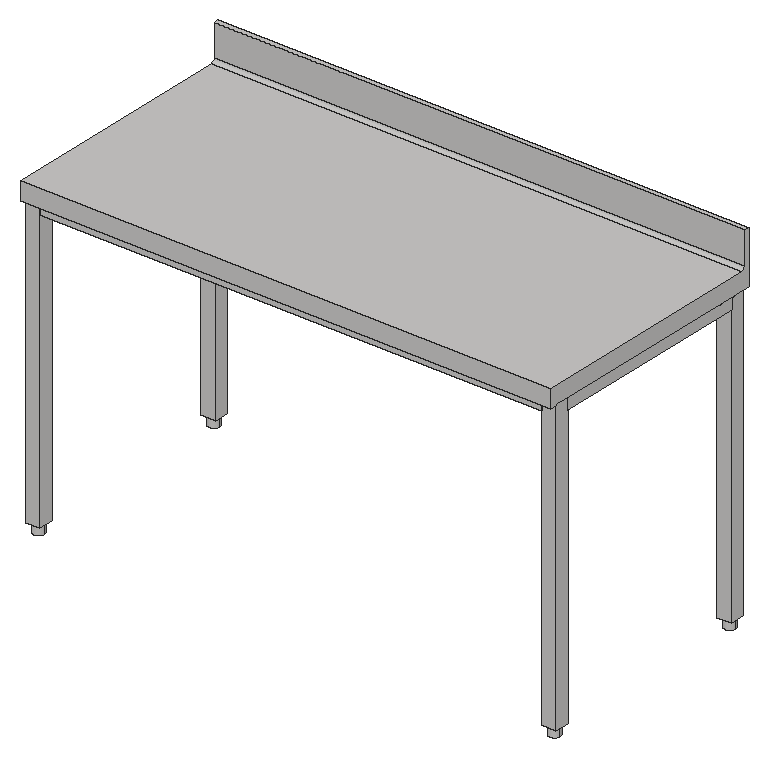
Revit family "QF_ELECTROLUXPROFESSIONAL_134016_GTG1510E", category Attrezzature speciali, Revit 2020
Family settings
  Quota connettore circolare = Usa diametro
  Tipo di parte = Normale
  Basato su piano di lavoro = No
  Sempre verticale = Sì
  Taglio con vuoti quando caricato = No
  Condiviso = No
  Punto di calcolo locali = No
Parameters (values of type "Standard")
  Weight = 45.00 kg
  Watts = 0 W
  Volts = 0 V
  URL Manufacturer = "https://www.electroluxprofessional.com/"
  URL = "https://www.electroluxprofessional.com/"
  Steam Supply Size = 0 mm
  Steam Supply Minimum Pressure = 0.0 Pa
  Steam Supply Maximum Pressure = 0.0 Pa
  Steam Consumption per Hour = 0
  Refrigeration Suction Line Size = 0.0 mm
  Refrigeration Liquid Line Size = 0.0 mm
  Refrigerant Compressor Remote = yes
  Prospetto di default = 0.0 mm
  Produttore = "Electrolux Professional"
  Phase = 0
  Modello = "GTG1510E"
  Length Actual = 1500.0 mm  # constant formula
  Item Number = "134016"
  Hot Water Size = 0 mm
  Height Actual = 1000.0 mm  # constant formula
  HP = "0 HP"
  Gas Size = 0 mm
  Gas KW = 0
  Gas Input Pressure = 0 W
  Direct Waste Size = 0 mm
  Descrizione = "WORK TABLE WITH UPSTAND 1500 MM"
  Depth Actual = 700.0 mm  # constant formula
  Cycle = 0 Hz
  Condensate Return Size = 0 mm
  Compressed Air Volume = 0.0 L/s
  Compressed Air Size = 0 mm
  Compressed Air Pressure = 0.0 Pa
  Cold Water Size = 0 mm
  Accessory = yes
Reference planes
  plane 1 "Center (Front/Back)": y = 0
  plane 2: z = 0
  plane 3 "Center (Left/Right)": x = -250
  plane 4 "LEFT": x = -1000
  plane 5 "RIGHT": x = 500
  plane 6 "BACK": y = 350
  plane 7 "FRONT": y = -350
  plane 8 "Base": z = 850
  plane 9 "TOP": z = 900
  plane 10: x = -980
  plane 11: x = 480
  plane 12: y = 310
  plane 13: y = -310
  plane 14 "TRAVERSI": z = 820
  plane 15: x = -960
  plane 16: x = 460
  plane 17: y = 290
  plane 18: y = -290
  plane 19: y = 330
  plane 20: y = -330
Forms (mm)
  Extrusion 1, solid, material "QF_Finishes_Stainless Steel"
    sketch origin (-250, 0, 0) x (0, 1, 0) y (0, 0, 1)
      loop
        line (-350, 850) -> (350, 850) -> (350, 1000) -> (337, 1000) -> (337, 910)
        arc (337, 910) -> (334.071, 902.929) -> (327, 900) r 10
        line (327, 900) -> (-350, 900) -> (-350, 850)
    from 750 to -750
  Extrusion 2, solid, material "QF_Finishes_Stainless Steel"
    sketch origin (0, 0, 820) x (0, 1, 0) y (-1, 0, 0)
      loop
        line (290, -460) -> (-290, -460) -> (-290, -500) -> (290, -500) -> (290, -460)
      loop
        line (290, 1000) -> (-290, 1000) -> (-290, 960) -> (290, 960) -> (290, 1000)
    from 0 to 30
  Extrusion 3, solid, material "QF_Finishes_Stainless Steel"
    sketch origin (0, 0, 820) x (0, 1, 0) y (-1, 0, 0)
      loop
        line (330, -460) -> (330, 960) -> (290, 960) -> (290, -460) -> (330, -460)
      loop
        line (-290, 960) -> (-330, 960) -> (-330, -460) -> (-290, -460) -> (-290, 960)
    from 0 to 30
Lines and regions (mm)
  symbolic lines
    curve 1: line (500, 350, 900) -> (-1000, 350, 900)
    curve 2: line (-1000, 350, 900) -> (-1000, -350, 900)
    curve 3: line (-1000, -350, 900) -> (500, -350, 900)
    curve 4: line (500, -350, 900) -> (500, 350, 900)
    curve 5: line (-1000, 337, 820) -> (500, 337, 820)
Dimensions and locks
  plane 4 "LEFT" to plane 5 "RIGHT" = 1500.0 mm
  equal spacing: plane 4 "LEFT", plane 3 "Center (Left/Right)", plane 5 "RIGHT"
  plane 4 "LEFT" to plane 10 = 20.0 mm
  plane 11 to plane 5 "RIGHT" = 20.0 mm
  plane 10 to plane 11 = 1460.0 mm
  plane 6 "BACK" to plane 12 = 40.0 mm
  plane 13 to plane 7 "FRONT" = 40.0 mm
  plane 6 "BACK" to plane 7 "FRONT" = 700.0 mm
  plane 12 to plane 13 = 620.0 mm
  equal spacing: plane 6 "BACK", plane 1 "Center (Front/Back)", plane 7 "FRONT"
  plane 8 "Base" to plane 14 "TRAVERSI" = 30.0 mm
  locked: plane 10 to plane 15 at 20
  locked: plane 16 to plane 11 at 20
  locked: plane 19 to plane 12 at 20
  locked: plane 12 to plane 17 at 20
  locked: plane 18 to plane 13 at 20
  locked: plane 13 to plane 20 at 20
  locked: plane 8 "Base" to level at 850
  locked: Extrusion 1 to level at 1000
  aligned and locked: level to plane 2
  aligned and locked: plane 10 to nested 1
  aligned and locked: nested 1 to plane 13
  aligned and locked: plane 11 to nested 2
  aligned and locked: nested 2 to plane 13
  aligned and locked: plane 11 to nested 4
  aligned and locked: nested 4 to plane 12
  aligned and locked: plane 10 to nested 3
  aligned and locked: nested 3 to plane 12
  aligned and locked: Extrusion 1 to plane 4 "LEFT"
  aligned and locked: plane 5 "RIGHT" to Extrusion 1
  aligned and locked: curve 2 to plane 4 "LEFT"
  aligned and locked: Extrusion 2 sketch curve to plane 5 "RIGHT"
  aligned and locked: Extrusion 2 sketch curve to plane 17  (x2)
  aligned and locked: plane 16 to Extrusion 2 sketch curve
  aligned and locked: plane 18 to Extrusion 2 sketch curve  (x2)
  aligned and locked: plane 4 "LEFT" to Extrusion 2 sketch curve
  aligned and locked: Extrusion 2 sketch curve to plane 15
  aligned and locked: plane 19 to Extrusion 3 sketch curve
  aligned and locked: Extrusion 3 sketch curve to plane 17
  aligned and locked: Extrusion 3 sketch curve to plane 18
  aligned and locked: plane 20 to Extrusion 3 sketch curve
  aligned and locked: Extrusion 3 sketch curve to plane 15
  aligned and locked: plane 15 to Extrusion 3 sketch curve
  aligned and locked: plane 16 to Extrusion 3 sketch curve
  aligned and locked: Extrusion 3 sketch curve to plane 16
  aligned and locked: curve 5 to Extrusion 1
Automatic sketch dimensions
  curve 3 to plane 7 "FRONT" = 0.0 mm
  curve 4 to plane 6 "BACK" = 0.0 mm
  curve 4 to plane 5 "RIGHT" = 0.0 mm
  Extrusion 1 sketch curve to plane 7 "FRONT" = 0.0 mm
  Extrusion 1 sketch curve to plane 9 "TOP" = 0.0 mm
  Extrusion 1 sketch curve to plane 6 "BACK" = 0.0 mm
  Extrusion 1 sketch curve to plane 8 "Base" = 0.0 mm
  Extrusion 1 sketch curve to plane 19 = 3.0 mm
  plane 19 to Extrusion 1 sketch curve = 7.0 mm
  Extrusion 1 sketch curve to Extrusion 1 sketch curve = 90.0 mm
  curve 5 to plane 5 "RIGHT" = 0.0 mm
  curve 5 to plane 4 "LEFT" = 0.0 mm
Nested families
  nested 1: "FEET_40x40_R" at (-980, -310, 0), type "FEET_40x40_R"
  nested 2: "FEET_40x40_R" at (480, -310, 0), type "FEET_40x40_R"
  nested 3: "FEET_40x40_R" at (-980, 310, 0), type "FEET_40x40_R"
  nested 4: "FEET_40x40_R" at (480, 310, 0), type "FEET_40x40_R"
Definition of nested family "FEET_40x40_R"
  Parameters
    Default Elevation = 0.0 mm
    FEET = 850.0 mm
  Reference planes
    plane 1 "Center (Front/Back)": y = 0
    plane 2: z = 0
    plane 3 "Center (Left/Right)": x = 0
    plane 4: z = 850
  Forms (mm)
    Extrusion 1, solid
      sketch origin (0, 0, 0) x (1, 0, 0) y (0, 1, 0)
        loop
          line (-20, -20) -> (20, -20) -> (20, 20) -> (-20, 20) -> (-20, -20)
      from 25 to 850
    Extrusion 2, solid
      sketch origin (0, 0, 0) x (1, 0, 0) y (0, 1, 0)
        loop
          circle (0, 0) r 16
      from 0 to 25
  Lines and regions (mm)
    symbolic lines
      curve 1: line (0, -1.503, 0) -> (0, 1.508, 0)
      curve 2: line (1.561, 0, 0) -> (-1.439, 0, 0)
  Dimensions and locks
    "FEET": plane 4 to plane 2
    aligned and locked: level to plane 2
  Automatic sketch dimensions
    Extrusion 1 sketch curve to plane 3 "Center (Left/Right)" = 20.0 mm
    plane 3 "Center (Left/Right)" to Extrusion 1 sketch curve = 20.0 mm
    plane 1 "Center (Front/Back)" to Extrusion 1 sketch curve = 20.0 mm
    Extrusion 1 sketch curve to plane 1 "Center (Front/Back)" = 20.0 mm
    plane 1 "Center (Front/Back)" to Extrusion 2 sketch curve = 0.0 mm
    Extrusion 2 sketch curve to plane 3 "Center (Left/Right)" = 0.0 mm
    plane 1 "Center (Front/Back)" to curve 2 = 0.0 mm
    curve 1 to plane 3 "Center (Left/Right)" = 0.0 mm
    curve 2 to plane 3 "Center (Left/Right)" = 1.439 mm
    plane 3 "Center (Left/Right)" to curve 2 = 1.561 mm
    plane 1 "Center (Front/Back)" to curve 1 = 1.503 mm
    curve 1 to plane 1 "Center (Front/Back)" = 1.508 mm
    radius of Extrusion 2 sketch curve = 16.0 mm
